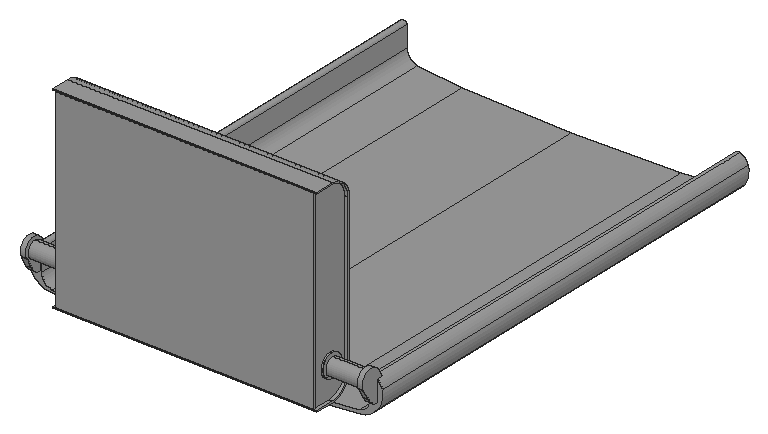
Revit family "3205 Björk Baby changing station", category Furniture Systems, host Wall, Revit 2018
Family settings
  Host = Wall
  Round Connector Dimension = Use Diameter
  Part Type = Normal
  Always vertical = Yes
  Cut with Voids When Loaded = No
  Shared = No
  Room Calculation Point = No
Parameters (values of type "Mat Sort")
  URL = "http://www.dandryer.com/en-gb/products/baby-changing-stations/3205-bjork-baby-changing-station--matt-black"
  UP = not(Down)  # no
  Type Image = <None>
  Surface = Mat Sort
  Model = "Björk-3205"
  Manufacturer = "Dan Dryer A/S"
  Down = yes
  Description = "Baby changing table"
  Cost = 0
Reference planes
  plane 1 "Wall": y = 0
  plane 2 "Center (Left/Right)": x = 125
  plane 3 "Back": y = 75
Forms (mm)
  Extrusion 1, solid, material "Blank Hvid", not visible
    sketch origin (0, 0, 0) x (1, 0, 0) y (0, 1, 0)
      loop
        arc (42.212, 95.366) -> (42.426, 94.946) -> (42.5, 94.481) r 1.5
        line (42.5, 94.481) -> (42.5, 75.3) -> (43.7, 75.3) -> (43.7, 94.481)
        arc (43.7, 94.481) -> (43.567, 95.318) -> (43.181, 96.073) r 2.7
        arc (43.181, 96.073) -> (125, 257.1) -> (206.819, 96.073) r 101.3
        arc (206.819, 96.073) -> (206.433, 95.318) -> (206.3, 94.481) r 2.7
        line (206.3, 94.481) -> (206.3, 75.3) -> (207.5, 75.3) -> (207.5, 94.481)
        arc (207.5, 94.481) -> (207.574, 94.946) -> (207.788, 95.366) r 1.5
        arc (207.788, 95.366) -> (125, 258.3) -> (42.212, 95.366) r 102.5
    from 900 to 1230
  Extrusion 2, void, not visible
    sketch origin (207.5, 94.481, 0) x (0, 1, 0) y (0, 0, -1)
      loop
        line (-19.181, -1225) -> (-19.181, -1230) -> (6.154, -1230)
        arc (6.154, -1230) -> (3.068, -1228.36) -> (2.105, -1225) r 4.47
        line (2.105, -1225) -> (-19.181, -1225)
    from -10.952 to 170.161
  Extrusion 3, void, not visible
    sketch origin (207.5, 94.481, 2130) x (0, 1, 0) y (0, 0, -1)
      loop
        line (-19.181, 1225) -> (2.105, 1225)
        arc (2.105, 1225) -> (3.068, 1228.36) -> (6.154, 1230) r 4.47
        line (6.154, 1230) -> (-19.181, 1230) -> (-19.181, 1225)
    from -6 to 179.451
  Extrusion 4, solid, not visible
    sketch origin (207.5, 75.3, 907) x (0, 1, 0) y (-1, 0, 0)
      loop
        line (0, 163.8) -> (0, 1.2) -> (19.181, 1.2)
        arc (19.181, 1.2) -> (20.018, 1.067) -> (20.773, 0.681) r 2.7
        arc (20.773, 0.681) -> (181.8, 82.5) -> (20.773, 164.319) r 101.3
        arc (20.773, 164.319) -> (20.018, 163.933) -> (19.181, 163.8) r 2.7
        line (19.181, 163.8) -> (0, 163.8)
    from 0 to -2
  Extrusion 5, void, not visible
    sketch origin (206.3, 75.3, 0) x (-1, 0, 0) y (0, 0, 1)
      loop
        arc (83.312, 976) -> (81.303, 978.014) -> (79.288, 976) r 2.012
        line (79.288, 976) -> (79.285, 930)
        arc (79.285, 930) -> (81.297, 927.986) -> (83.312, 930) r 2.012
        line (83.312, 930) -> (83.312, 976)
    from 174.915 to 189.234
  Extrusion 6, solid, not visible
    sketch origin (206.3, 75.3, 0) x (1, 0, 0) y (0, 0, 1)
      loop
        line (-83.312, 975.984) -> (-83.312, 930)
        arc (-83.312, 930) -> (-81.291, 928.118) -> (-79.287, 930.016) r 2.015
        line (-79.287, 930.016) -> (-79.288, 976)
        arc (-79.288, 976) -> (-81.309, 977.882) -> (-83.312, 975.984) r 2.015
    from -182.98 to -174.915
  Extrusion 7, solid, material "Mat Sort", not visible
    sketch origin (0, 0, 0) x (1, 0, 0) y (0, 1, 0)
      loop
        arc (42.212, 95.366) -> (42.426, 94.946) -> (42.5, 94.481) r 1.5
        line (42.5, 94.481) -> (42.5, 75.3) -> (43.7, 75.3) -> (43.7, 94.481)
        arc (43.7, 94.481) -> (43.567, 95.318) -> (43.181, 96.073) r 2.7
        arc (43.181, 96.073) -> (125, 257.1) -> (206.819, 96.073) r 101.3
        arc (206.819, 96.073) -> (206.433, 95.318) -> (206.3, 94.481) r 2.7
        line (206.3, 94.481) -> (206.3, 75.3) -> (207.5, 75.3) -> (207.5, 94.481)
        arc (207.5, 94.481) -> (207.574, 94.946) -> (207.788, 95.366) r 1.5
        arc (207.788, 95.366) -> (125, 258.3) -> (42.212, 95.366) r 102.5
    from 900 to 1230
Text (mm)
  text "Placement Side" at (-1848.837, 1116.779, 0), in view "Ref. Level"
  text "Placement side" at (0, 1409.804, 2854.306), in view "Left"
  text "Placement side" at (0, 499.811, 2980.732), in view "Right"
Dimensions and locks
  locked: plane 3 "Back" to host wall
  aligned and locked: plane 1 "Wall" to host wall
  aligned and locked: plane 3 "Back" to nested 1  (x2)
  aligned and locked: nested 1 to host wall
Nested families
  nested 1: "Master changing table" at (125, 75, 1050), type "Master changing table"
    with Table up no
Definition of nested family "Master changing table"
  Parameters (values of type "Master changing table")
    Table up = yes
    Table down = yes
    Surface = none
  Reference planes
    plane 1 "Center (Front/Back)": y = 0
    plane 2: z = 0
    plane 3 "Center (Left/Right)": x = 0
  Forms (mm)
    Extrusion 1, solid, material <- "Surface"
      sketch origin (205, 367.912, 256.022) x (0, 1, 0) y (0, 0, 1)
        loop
          line (-368.006, 0) -> (-368.006, -1.5) -> (-337.756, -1.5)
          arc (-337.756, -1.5) -> (-316.543, -10.287) -> (-307.756, -31.5) r 30
          line (-307.756, -31.5) -> (-307.756, -273.5)
          arc (-307.756, -273.5) -> (-316.543, -294.713) -> (-337.756, -303.5) r 30
          line (-337.756, -303.5) -> (-368.006, -303.5) -> (-368.006, -305) -> (-337.756, -305)
          arc (-337.756, -305) -> (-315.482, -295.774) -> (-306.256, -273.5) r 31.5
          line (-306.256, -273.5) -> (-306.256, -31.5)
          arc (-306.256, -31.5) -> (-315.482, -9.226) -> (-337.756, 0) r 31.5
          line (-337.756, 0) -> (-368.006, 0)
      from -410.457 to 0.457
    Extrusion 2, solid, material <- "Surface"
      sketch origin (-200, 30.056, 103.522) x (0, -1, 0) y (0, 0, 1)
        loop
          line (28.149, 150) -> (0.649, 150)
          arc (0.649, 150) -> (-20.564, 141.213) -> (-29.351, 120) r 30
          line (-29.351, 120) -> (-29.351, -120)
          arc (-29.351, -120) -> (-20.564, -141.213) -> (0.649, -150) r 30
          line (0.649, -150) -> (28.149, -150) -> (28.149, 150)
      from 0 to -1.5
    Extrusion 3, solid, material <- "Surface"
      sketch origin (200, 30.056, 103.522) x (0, -1, 0) y (0, 0, -1)
        loop
          line (28.149, -150) -> (28.149, 150) -> (0.649, 150)
          arc (0.649, 150) -> (-20.564, 141.213) -> (-29.351, 120) r 30
          line (-29.351, 120) -> (-29.351, -120)
          arc (-29.351, -120) -> (-20.564, -141.213) -> (0.649, -150) r 30
          line (0.649, -150) -> (28.149, -150)
      from 0 to -1.5
    Extrusion 4, solid, material <- "Surface", visible <- "Table down"
      sketch origin (0, 750.106, -53.254) x (-1, 0, 0) y (0, 0, 1)
        loop
          line (-255, 19.726) -> (-255, 51.373)
          arc (-255, 51.373) -> (-257.243, 55.544) -> (-261.96, 55.973) r 5
          arc (-261.96, 55.973) -> (-270.039, 50.067) -> (-274.685, 41.203) r 22.097
          arc (-274.685, 41.203) -> (-275.07, 26.076) -> (-268.731, 12.336) r 33.351
          arc (-268.731, 12.336) -> (-256.485, 1.616) -> (-241.13, -3.778) r 42.947
          arc (-241.13, -3.778) -> (-205.836, -8.031) -> (-170.362, -10.357) r 652.663
          arc (-170.362, -10.357) -> (-85.196, -12.728) -> (0, -13.33) r 4102.572
          arc (0, -13.33) -> (85.196, -12.728) -> (170.362, -10.357) r 4102.572
          arc (170.362, -10.357) -> (205.836, -8.031) -> (241.13, -3.778) r 652.663
          arc (241.13, -3.778) -> (256.485, 1.616) -> (268.731, 12.336) r 42.947
          arc (268.731, 12.336) -> (275.07, 26.076) -> (274.685, 41.203) r 33.351
          arc (274.685, 41.203) -> (270.039, 50.067) -> (261.96, 55.973) r 22.097
          arc (261.96, 55.973) -> (257.243, 55.544) -> (255, 51.373) r 5
          line (255, 51.373) -> (255, 19.726)
          arc (255, 19.726) -> (250.375, 7.3) -> (238.751, 0.923) r 19.004
          arc (238.751, 0.923) -> (204.558, -3.146) -> (170.196, -5.363) r 637.149
          arc (170.196, -5.363) -> (85.113, -7.758) -> (0, -8.582) r 4609.967
          arc (0, -8.582) -> (-85.113, -7.758) -> (-170.196, -5.363) r 4609.967
          arc (-170.196, -5.363) -> (-204.558, -3.146) -> (-238.751, 0.923) r 637.149
          arc (-238.751, 0.923) -> (-250.375, 7.3) -> (-255, 19.726) r 19.004
      from -709.566 to 0
    Extrusion 5, solid, material <- "Surface", visible <- "Table down"
      sketch origin (258, 29.906, 2.522) x (0, 0, 1) y (0, 1, 0)
        loop
          line (8.4, 14.549) -> (-2.6, 20.9)
          arc (-2.6, 20.9) -> (-4.503, 22.803) -> (-5.2, 25.403) r 5.2
          line (-5.2, 25.403) -> (-5.2, 41.674) -> (-6, 41.383) -> (-6, 177.6)
          arc (-6, 177.6) -> (-6.879, 179.721) -> (-9, 180.6) r 3
          line (-9, 180.6) -> (-33, 180.6)
          arc (-33, 180.6) -> (-35.121, 179.721) -> (-36, 177.6) r 3
          line (-36, 177.6) -> (-36, 30.464) -> (-36.8, 30.172) -> (-36.8, 16.166)
          arc (-36.8, 16.166) -> (-33.477, 3.766) -> (-24.4, -5.312) r 24.8
          line (-24.4, -5.312) -> (-8.4, -14.549)
          arc (-8.4, -14.549) -> (14.549, -8.4) -> (8.4, 14.549) r 16.8
      from -8 to 0
    Extrusion 6, solid, material <- "Surface", visible <- "Table down"
      sketch origin (-266, 29.906, 2.522) x (0, 0, 1) y (0, 1, 0)
        loop
          line (8.4, 14.549) -> (-2.6, 20.9)
          arc (-2.6, 20.9) -> (-4.503, 22.803) -> (-5.2, 25.403) r 5.2
          line (-5.2, 25.403) -> (-5.2, 41.674) -> (-6, 41.383) -> (-6, 177.6)
          arc (-6, 177.6) -> (-6.879, 179.721) -> (-9, 180.6) r 3
          line (-9, 180.6) -> (-33, 180.6)
          arc (-33, 180.6) -> (-35.121, 179.721) -> (-36, 177.6) r 3
          line (-36, 177.6) -> (-36, 30.464) -> (-36.8, 30.172) -> (-36.8, 16.166)
          arc (-36.8, 16.166) -> (-33.477, 3.766) -> (-24.4, -5.312) r 24.8
          line (-24.4, -5.312) -> (-8.4, -14.549)
          arc (-8.4, -14.549) -> (14.549, -8.4) -> (8.4, 14.549) r 16.8
      from -8 to 0
    Extrusion 7, solid, material <- "Surface"
      sketch origin (-258, 31.072, 1.856) x (0, 0, -1) y (0, 1, 0)
        loop
          circle (-0.065, 0.035) r 17.549
      from 53 to 462.5
    Extrusion 8, solid, material <- "Surface", visible <- "Table up"
      sketch origin (0, 85.702, 722.747) x (-1, 0, 0) y (0, -1, 0)
        loop
          line (-255, 19.726) -> (-255, 51.373)
          arc (-255, 51.373) -> (-257.243, 55.544) -> (-261.96, 55.973) r 5
          arc (-261.96, 55.973) -> (-270.039, 50.067) -> (-274.685, 41.203) r 22.097
          arc (-274.685, 41.203) -> (-275.07, 26.076) -> (-268.731, 12.336) r 33.351
          arc (-268.731, 12.336) -> (-256.485, 1.616) -> (-241.13, -3.778) r 42.947
          arc (-241.13, -3.778) -> (-205.836, -8.031) -> (-170.362, -10.357) r 652.663
          arc (-170.362, -10.357) -> (-85.196, -12.728) -> (0, -13.33) r 4102.572
          arc (0, -13.33) -> (85.196, -12.728) -> (170.362, -10.357) r 4102.572
          arc (170.362, -10.357) -> (205.836, -8.031) -> (241.13, -3.778) r 652.663
          arc (241.13, -3.778) -> (256.485, 1.616) -> (268.731, 12.336) r 42.947
          arc (268.731, 12.336) -> (275.07, 26.076) -> (274.685, 41.203) r 33.351
          arc (274.685, 41.203) -> (270.039, 50.067) -> (261.96, 55.973) r 22.097
          arc (261.96, 55.973) -> (257.243, 55.544) -> (255, 51.373) r 5
          line (255, 51.373) -> (255, 19.726)
          arc (255, 19.726) -> (250.375, 7.3) -> (238.751, 0.923) r 19.004
          arc (238.751, 0.923) -> (204.558, -3.146) -> (170.196, -5.363) r 637.149
          arc (170.196, -5.363) -> (85.113, -7.758) -> (0, -8.582) r 4609.967
          arc (0, -8.582) -> (-85.113, -7.758) -> (-170.196, -5.363) r 4609.967
          arc (-170.196, -5.363) -> (-204.558, -3.146) -> (-238.751, 0.923) r 637.149
          arc (-238.751, 0.923) -> (-250.375, 7.3) -> (-255, 19.726) r 19.004
      from -709.566 to 0
    Extrusion 9, solid, material <- "Surface", visible <- "Table up"
      sketch origin (258, 29.925, 2.547) x (0, -1, 0) y (0, 0, 1)
        loop
          line (8.4, 14.549) -> (-2.6, 20.9)
          arc (-2.6, 20.9) -> (-4.503, 22.803) -> (-5.2, 25.403) r 5.2
          line (-5.2, 25.403) -> (-5.2, 41.674) -> (-6, 41.383) -> (-6, 177.6)
          arc (-6, 177.6) -> (-6.879, 179.721) -> (-9, 180.6) r 3
          line (-9, 180.6) -> (-33, 180.6)
          arc (-33, 180.6) -> (-35.121, 179.721) -> (-36, 177.6) r 3
          line (-36, 177.6) -> (-36, 30.464) -> (-36.8, 30.172) -> (-36.8, 16.166)
          arc (-36.8, 16.166) -> (-33.477, 3.766) -> (-24.4, -5.312) r 24.8
          line (-24.4, -5.312) -> (-8.4, -14.549)
          arc (-8.4, -14.549) -> (14.549, -8.4) -> (8.4, 14.549) r 16.8
      from -8 to 0
    Extrusion 10, solid, material <- "Surface", visible <- "Table up"
      sketch origin (-266, 29.925, 2.547) x (0, -1, 0) y (0, 0, 1)
        loop
          line (8.4, 14.549) -> (-2.6, 20.9)
          arc (-2.6, 20.9) -> (-4.503, 22.803) -> (-5.2, 25.403) r 5.2
          line (-5.2, 25.403) -> (-5.2, 41.674) -> (-6, 41.383) -> (-6, 177.6)
          arc (-6, 177.6) -> (-6.879, 179.721) -> (-9, 180.6) r 3
          line (-9, 180.6) -> (-33, 180.6)
          arc (-33, 180.6) -> (-35.121, 179.721) -> (-36, 177.6) r 3
          line (-36, 177.6) -> (-36, 30.464) -> (-36.8, 30.172) -> (-36.8, 16.166)
          arc (-36.8, 16.166) -> (-33.477, 3.766) -> (-24.4, -5.312) r 24.8
          line (-24.4, -5.312) -> (-8.4, -14.549)
          arc (-8.4, -14.549) -> (14.549, -8.4) -> (8.4, 14.549) r 16.8
      from -8 to 0
    Extrusion 11, solid, material <- "Surface"
      sketch origin (-258, 30.572, 1.856) x (0, 0, -1) y (0, 1, 0)
        loop
          circle (-0.065, 0.035) r 13.035
      from 0 to 516
    Extrusion 12, solid, material <- "Surface"
      sketch origin (-258, 30.572, 1.856) x (0, 0, -1) y (0, 1, 0)
        loop
          circle (-0.065, 0.035) r 16.835
      from 54.88 to 461.953
    Extrusion 13, solid, material <- "Surface"
      sketch origin (-5125, -0.094, -947.478) x (-1, 0, 0) y (0, 0, 1)
        loop
          line (-5325, 1202) -> (-5325, 900) -> (-4925, 900) -> (-4925, 1202) -> (-5325, 1202)
      from 0 to 2
    Extrusion 14, solid, not visible
      sketch origin (-5000, 75, 0) x (-1, 0, 0) y (0, 0, 1)
        loop
          line (-5325, 1202) -> (-5325, 900) -> (-4925, 900) -> (-4925, 1202) -> (-5325, 1202)
      from 0 to 2
    Extrusion 15, solid, not visible
      sketch origin (330, 443.006, 1203.5) x (0, 1, 0) y (0, 0, 1)
        loop
          line (-368.006, 0) -> (-368.006, -1.5) -> (-337.756, -1.5)
          arc (-337.756, -1.5) -> (-316.543, -10.287) -> (-307.756, -31.5) r 30
          line (-307.756, -31.5) -> (-307.756, -273.5)
          arc (-307.756, -273.5) -> (-316.543, -294.713) -> (-337.756, -303.5) r 30
          line (-337.756, -303.5) -> (-368.006, -303.5) -> (-368.006, -305) -> (-337.756, -305)
          arc (-337.756, -305) -> (-315.482, -295.774) -> (-306.256, -273.5) r 31.5
          line (-306.256, -273.5) -> (-306.256, -31.5)
          arc (-306.256, -31.5) -> (-315.482, -9.226) -> (-337.756, 0) r 31.5
          line (-337.756, 0) -> (-368.006, 0)
      from -410.457 to 0.457
    Sweep 16, void, not visible
      path origin (330, 443.006, 1203.5) x (0, 1, 0) y (0, 0, 1)
        loop
          line (-368.006, -305) -> (-337.756, -305)
          arc (-337.756, -305) -> (-315.482, -295.774) -> (-306.256, -273.5) r 31.5
          line (-306.256, -273.5) -> (-306.256, -31.5)
          arc (-306.256, -31.5) -> (-315.482, -9.226) -> (-337.756, 0) r 31.5
          line (-337.756, 0) -> (-368.006, 0)
      profile origin (330, 90.125, 1203.5) x (0, 0, -1) y (1, 0, 0)
        loop
          line (0, 0.457) -> (0, -0.75)
          arc (0, -0.75) -> (0.75, 0) -> (1.5, -0.75) r 0.75
          line (1.5, -0.75) -> (1.5, 0.457) -> (0, 0.457)
    Sweep 17, void, not visible
      path origin (-80, 443.006, 1203.5) x (0, 1, 0) y (0, 0, -1)
        loop
          line (-368.006, 305) -> (-337.756, 305)
          arc (-337.756, 305) -> (-315.482, 295.774) -> (-306.256, 273.5) r 31.5
          line (-306.256, 273.5) -> (-306.256, 31.5)
          arc (-306.256, 31.5) -> (-315.482, 9.226) -> (-337.756, 0) r 31.5
          line (-337.756, 0) -> (-368.006, 0)
      profile origin (-80, 90.125, 1203.5) x (0, 0, 1) y (-1, 0, 0)
        loop
          line (0, 0.457) -> (-1.5, 0.457) -> (-1.5, -0.75)
          arc (-1.5, -0.75) -> (-0.75, 0) -> (0, -0.75) r 0.75
          line (0, -0.75) -> (0, 0.457)
    Extrusion 18, solid, not visible
      sketch origin (-75, 105.149, 1051) x (0, -1, 0) y (0, 0, 1)
        loop
          line (28.149, 150) -> (0.649, 150)
          arc (0.649, 150) -> (-20.564, 141.213) -> (-29.351, 120) r 30
          line (-29.351, 120) -> (-29.351, -120)
          arc (-29.351, -120) -> (-20.564, -141.213) -> (0.649, -150) r 30
          line (0.649, -150) -> (28.149, -150) -> (28.149, 150)
      from 0 to -1.5
    Extrusion 19, solid, not visible
      sketch origin (325, 105.149, 1051) x (0, -1, 0) y (0, 0, -1)
        loop
          line (28.149, -150) -> (28.149, 150) -> (0.649, 150)
          arc (0.649, 150) -> (-20.564, 141.213) -> (-29.351, 120) r 30
          line (-29.351, 120) -> (-29.351, -120)
          arc (-29.351, -120) -> (-20.564, -141.213) -> (0.649, -150) r 30
          line (0.649, -150) -> (28.149, -150)
      from 0 to -1.5
    Extrusion 20, void, not visible
      sketch origin (-75, 105.149, 1051) x (0, 1, 0) y (0, 0, 1)
        loop
          circle (-0.114, -100.935) r 17.549
      from 404.5 to -5
    Extrusion 21, solid, visible <- "Table down", not visible
      sketch origin (125, 825.199, 894.224) x (-1, 0, 0) y (0, 0, 1)
        loop
          line (-255, 19.726) -> (-255, 51.373)
          arc (-255, 51.373) -> (-257.243, 55.544) -> (-261.96, 55.973) r 5
          arc (-261.96, 55.973) -> (-270.039, 50.067) -> (-274.685, 41.203) r 22.097
          arc (-274.685, 41.203) -> (-275.07, 26.076) -> (-268.731, 12.336) r 33.351
          arc (-268.731, 12.336) -> (-256.485, 1.616) -> (-241.13, -3.778) r 42.947
          arc (-241.13, -3.778) -> (-205.836, -8.031) -> (-170.362, -10.357) r 652.663
          arc (-170.362, -10.357) -> (-85.196, -12.728) -> (0, -13.33) r 4102.572
          arc (0, -13.33) -> (85.196, -12.728) -> (170.362, -10.357) r 4102.572
          arc (170.362, -10.357) -> (205.836, -8.031) -> (241.13, -3.778) r 652.663
          arc (241.13, -3.778) -> (256.485, 1.616) -> (268.731, 12.336) r 42.947
          arc (268.731, 12.336) -> (275.07, 26.076) -> (274.685, 41.203) r 33.351
          arc (274.685, 41.203) -> (270.039, 50.067) -> (261.96, 55.973) r 22.097
          arc (261.96, 55.973) -> (257.243, 55.544) -> (255, 51.373) r 5
          line (255, 51.373) -> (255, 19.726)
          arc (255, 19.726) -> (250.375, 7.3) -> (238.751, 0.923) r 19.004
          arc (238.751, 0.923) -> (204.558, -3.146) -> (170.196, -5.363) r 637.149
          arc (170.196, -5.363) -> (85.113, -7.758) -> (0, -8.582) r 4609.967
          arc (0, -8.582) -> (-85.113, -7.758) -> (-170.196, -5.363) r 4609.967
          arc (-170.196, -5.363) -> (-204.558, -3.146) -> (-238.751, 0.923) r 637.149
          arc (-238.751, 0.923) -> (-250.375, 7.3) -> (-255, 19.726) r 19.004
      from -709.566 to 0
    Sweep 22, void, not visible
      path origin (125, 825.199, 894.224) x (-1, 0, 0) y (0, 0, 1)
        loop
          arc (-261.96, 55.973) -> (-270.039, 50.067) -> (-274.685, 41.203) r 22.097
          arc (-274.685, 41.203) -> (-275.07, 26.076) -> (-268.731, 12.336) r 33.351
          arc (-268.731, 12.336) -> (-256.485, 1.616) -> (-241.13, -3.778) r 42.947
          arc (-241.13, -3.778) -> (-205.836, -8.031) -> (-170.362, -10.357) r 652.663
          arc (-170.362, -10.357) -> (-85.196, -12.728) -> (0, -13.33) r 4102.572
          arc (0, -13.33) -> (85.196, -12.728) -> (170.362, -10.357) r 4102.572
          arc (170.362, -10.357) -> (205.836, -8.031) -> (241.13, -3.778) r 652.663
          arc (241.13, -3.778) -> (256.485, 1.616) -> (268.731, 12.336) r 42.947
          arc (268.731, 12.336) -> (275.07, 26.076) -> (274.685, 41.203) r 33.351
          arc (274.685, 41.203) -> (270.039, 50.067) -> (261.96, 55.973) r 22.097
          arc (261.96, 55.973) -> (257.243, 55.544) -> (255, 51.373) r 5
          line (255, 51.373) -> (255, 19.726)
          arc (255, 19.726) -> (250.375, 7.3) -> (238.751, 0.923) r 19.004
          arc (238.751, 0.923) -> (204.558, -3.146) -> (170.196, -5.363) r 637.149
          arc (170.196, -5.363) -> (85.113, -7.758) -> (0, -8.582) r 4609.967
          arc (0, -8.582) -> (-85.113, -7.758) -> (-170.196, -5.363) r 4609.967
          arc (-170.196, -5.363) -> (-204.558, -3.146) -> (-238.751, 0.923) r 637.149
          arc (-238.751, 0.923) -> (-250.375, 7.3) -> (-255, 19.726) r 19.004
          line (-255, 19.726) -> (-255, 51.373)
          arc (-255, 51.373) -> (-257.243, 55.544) -> (-261.96, 55.973) r 5
      profile origin (395.039, 825.199, 944.291) x (-0.757606, 0, -0.652712) y (0, 1, 0)
        loop
          arc (0, -1.006) -> (0.295, -0.295) -> (1.006, 0) r 1.006
          line (1.006, 0) -> (0, 0) -> (0, -1.006)
    Extrusion 23, void, not visible
      sketch origin (-141, 105, 950) x (0, 0, 1) y (0, 1, 0)
        loop
          line (-93.281, 10.633) -> (14.517, 10.633) -> (14.517, 49.868) -> (-93.281, 10.633)
      from -603.294 to 94
    Extrusion 24, solid, visible <- "Table down", not visible
      sketch origin (383, 105, 950) x (0, 0, 1) y (0, 1, 0)
        loop
          line (8.4, 14.549) -> (-2.6, 20.9)
          arc (-2.6, 20.9) -> (-4.503, 22.803) -> (-5.2, 25.403) r 5.2
          line (-5.2, 25.403) -> (-5.2, 41.674) -> (-6, 41.383) -> (-6, 177.6)
          arc (-6, 177.6) -> (-6.879, 179.721) -> (-9, 180.6) r 3
          line (-9, 180.6) -> (-33, 180.6)
          arc (-33, 180.6) -> (-35.121, 179.721) -> (-36, 177.6) r 3
          line (-36, 177.6) -> (-36, 30.464) -> (-36.8, 30.172) -> (-36.8, 16.166)
          arc (-36.8, 16.166) -> (-33.477, 3.766) -> (-24.4, -5.312) r 24.8
          line (-24.4, -5.312) -> (-8.4, -14.549)
          arc (-8.4, -14.549) -> (14.549, -8.4) -> (8.4, 14.549) r 16.8
      from -8 to 0
    Extrusion 25, solid, visible <- "Table down", not visible
      sketch origin (-141, 105, 950) x (0, 0, 1) y (0, 1, 0)
        loop
          line (8.4, 14.549) -> (-2.6, 20.9)
          arc (-2.6, 20.9) -> (-4.503, 22.803) -> (-5.2, 25.403) r 5.2
          line (-5.2, 25.403) -> (-5.2, 41.674) -> (-6, 41.383) -> (-6, 177.6)
          arc (-6, 177.6) -> (-6.879, 179.721) -> (-9, 180.6) r 3
          line (-9, 180.6) -> (-33, 180.6)
          arc (-33, 180.6) -> (-35.121, 179.721) -> (-36, 177.6) r 3
          line (-36, 177.6) -> (-36, 30.464) -> (-36.8, 30.172) -> (-36.8, 16.166)
          arc (-36.8, 16.166) -> (-33.477, 3.766) -> (-24.4, -5.312) r 24.8
          line (-24.4, -5.312) -> (-8.4, -14.549)
          arc (-8.4, -14.549) -> (14.549, -8.4) -> (8.4, 14.549) r 16.8
      from -8 to 0
    Extrusion 26, solid, not visible
      sketch origin (-133, 106.166, 949.334) x (0, 0, -1) y (0, 1, 0)
        loop
          circle (-0.065, 0.035) r 17.549
      from 53 to 462.5
    Extrusion 27, solid, visible <- "Table up", not visible
      sketch origin (125, 160.795, 1670.224) x (-1, 0, 0) y (0, -1, 0)
        loop
          line (-255, 19.726) -> (-255, 51.373)
          arc (-255, 51.373) -> (-257.243, 55.544) -> (-261.96, 55.973) r 5
          arc (-261.96, 55.973) -> (-270.039, 50.067) -> (-274.685, 41.203) r 22.097
          arc (-274.685, 41.203) -> (-275.07, 26.076) -> (-268.731, 12.336) r 33.351
          arc (-268.731, 12.336) -> (-256.485, 1.616) -> (-241.13, -3.778) r 42.947
          arc (-241.13, -3.778) -> (-205.836, -8.031) -> (-170.362, -10.357) r 652.663
          arc (-170.362, -10.357) -> (-85.196, -12.728) -> (0, -13.33) r 4102.572
          arc (0, -13.33) -> (85.196, -12.728) -> (170.362, -10.357) r 4102.572
          arc (170.362, -10.357) -> (205.836, -8.031) -> (241.13, -3.778) r 652.663
          arc (241.13, -3.778) -> (256.485, 1.616) -> (268.731, 12.336) r 42.947
          arc (268.731, 12.336) -> (275.07, 26.076) -> (274.685, 41.203) r 33.351
          arc (274.685, 41.203) -> (270.039, 50.067) -> (261.96, 55.973) r 22.097
          arc (261.96, 55.973) -> (257.243, 55.544) -> (255, 51.373) r 5
          line (255, 51.373) -> (255, 19.726)
          arc (255, 19.726) -> (250.375, 7.3) -> (238.751, 0.923) r 19.004
          arc (238.751, 0.923) -> (204.558, -3.146) -> (170.196, -5.363) r 637.149
          arc (170.196, -5.363) -> (85.113, -7.758) -> (0, -8.582) r 4609.967
          arc (0, -8.582) -> (-85.113, -7.758) -> (-170.196, -5.363) r 4609.967
          arc (-170.196, -5.363) -> (-204.558, -3.146) -> (-238.751, 0.923) r 637.149
          arc (-238.751, 0.923) -> (-250.375, 7.3) -> (-255, 19.726) r 19.004
      from -709.566 to 0
    Sweep 28, void, not visible
      path origin (125, 160.795, 1670.224) x (-1, 0, 0) y (0, -1, 0)
        loop
          arc (-261.96, 55.973) -> (-270.039, 50.067) -> (-274.685, 41.203) r 22.097
          arc (-274.685, 41.203) -> (-275.07, 26.076) -> (-268.731, 12.336) r 33.351
          arc (-268.731, 12.336) -> (-256.485, 1.616) -> (-241.13, -3.778) r 42.947
          arc (-241.13, -3.778) -> (-205.836, -8.031) -> (-170.362, -10.357) r 652.663
          arc (-170.362, -10.357) -> (-85.196, -12.728) -> (0, -13.33) r 4102.572
          arc (0, -13.33) -> (85.196, -12.728) -> (170.362, -10.357) r 4102.572
          arc (170.362, -10.357) -> (205.836, -8.031) -> (241.13, -3.778) r 652.663
          arc (241.13, -3.778) -> (256.485, 1.616) -> (268.731, 12.336) r 42.947
          arc (268.731, 12.336) -> (275.07, 26.076) -> (274.685, 41.203) r 33.351
          arc (274.685, 41.203) -> (270.039, 50.067) -> (261.96, 55.973) r 22.097
          arc (261.96, 55.973) -> (257.243, 55.544) -> (255, 51.373) r 5
          line (255, 51.373) -> (255, 19.726)
          arc (255, 19.726) -> (250.375, 7.3) -> (238.751, 0.923) r 19.004
          arc (238.751, 0.923) -> (204.558, -3.146) -> (170.196, -5.363) r 637.149
          arc (170.196, -5.363) -> (85.113, -7.758) -> (0, -8.582) r 4609.967
          arc (0, -8.582) -> (-85.113, -7.758) -> (-170.196, -5.363) r 4609.967
          arc (-170.196, -5.363) -> (-204.558, -3.146) -> (-238.751, 0.923) r 637.149
          arc (-238.751, 0.923) -> (-250.375, 7.3) -> (-255, 19.726) r 19.004
          line (-255, 19.726) -> (-255, 51.373)
          arc (-255, 51.373) -> (-257.243, 55.544) -> (-261.96, 55.973) r 5
      profile origin (395.039, 110.728, 1670.224) x (-0.757606, 0.652712, 0) y (0, 0, 1)
        loop
          arc (0, -1.006) -> (0.295, -0.295) -> (1.006, 0) r 1.006
          line (1.006, 0) -> (0, 0) -> (0, -1.006)
    Extrusion 29, void, not visible
      sketch origin (-141, 105.019, 950.025) x (0, -1, 0) y (0, 0, 1)
        loop
          line (-93.281, 10.633) -> (14.517, 10.633) -> (14.517, 49.868) -> (-93.281, 10.633)
      from -603.294 to 94
    Extrusion 30, solid, visible <- "Table up", not visible
      sketch origin (383, 105.019, 950.025) x (0, -1, 0) y (0, 0, 1)
        loop
          line (8.4, 14.549) -> (-2.6, 20.9)
          arc (-2.6, 20.9) -> (-4.503, 22.803) -> (-5.2, 25.403) r 5.2
          line (-5.2, 25.403) -> (-5.2, 41.674) -> (-6, 41.383) -> (-6, 177.6)
          arc (-6, 177.6) -> (-6.879, 179.721) -> (-9, 180.6) r 3
          line (-9, 180.6) -> (-33, 180.6)
          arc (-33, 180.6) -> (-35.121, 179.721) -> (-36, 177.6) r 3
          line (-36, 177.6) -> (-36, 30.464) -> (-36.8, 30.172) -> (-36.8, 16.166)
          arc (-36.8, 16.166) -> (-33.477, 3.766) -> (-24.4, -5.312) r 24.8
          line (-24.4, -5.312) -> (-8.4, -14.549)
          arc (-8.4, -14.549) -> (14.549, -8.4) -> (8.4, 14.549) r 16.8
      from -8 to 0
    Extrusion 31, solid, visible <- "Table up", not visible
      sketch origin (-141, 105.019, 950.025) x (0, -1, 0) y (0, 0, 1)
        loop
          line (8.4, 14.549) -> (-2.6, 20.9)
          arc (-2.6, 20.9) -> (-4.503, 22.803) -> (-5.2, 25.403) r 5.2
          line (-5.2, 25.403) -> (-5.2, 41.674) -> (-6, 41.383) -> (-6, 177.6)
          arc (-6, 177.6) -> (-6.879, 179.721) -> (-9, 180.6) r 3
          line (-9, 180.6) -> (-33, 180.6)
          arc (-33, 180.6) -> (-35.121, 179.721) -> (-36, 177.6) r 3
          line (-36, 177.6) -> (-36, 30.464) -> (-36.8, 30.172) -> (-36.8, 16.166)
          arc (-36.8, 16.166) -> (-33.477, 3.766) -> (-24.4, -5.312) r 24.8
          line (-24.4, -5.312) -> (-8.4, -14.549)
          arc (-8.4, -14.549) -> (14.549, -8.4) -> (8.4, 14.549) r 16.8
      from -8 to 0
    Extrusion 32, solid, not visible
      sketch origin (-133, 105.666, 949.334) x (0, 0, -1) y (0, 1, 0)
        loop
          circle (-0.065, 0.035) r 13.035
      from 0 to 516
    Extrusion 33, solid, not visible
      sketch origin (-133, 105.666, 949.334) x (0, 0, -1) y (0, 1, 0)
        loop
          circle (-0.065, 0.035) r 16.835
      from 54.88 to 461.953
  Lines and regions (mm)
    reference lines, not visible
      curve 1: line (125, 825.199, 1226.874) -> (125, 825.199, 885.642)
      curve 2: line (125, 419.974, 1670.224) -> (125, -185.026, 1670.224)
  Dimensions and locks
    locked: Extrusion 13 to Extrusion 13 at 2
    aligned and locked: level to plane 2
    aligned and locked: Extrusion 3 to Extrusion 13
